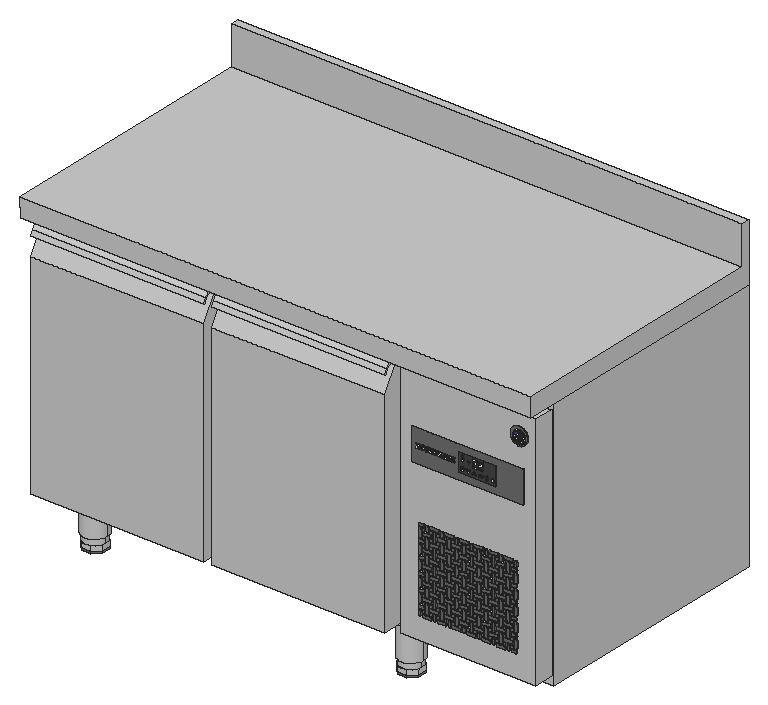
Revit family "QF_HOSHIZAKI_889000846", category Specialty Equipment, Revit 2016 (continued)
Definition of nested family "QF_HOSHIZAKI_889000846_230V_1Ph_50Hz"
  Definition of nested family "Control-panel"
    Forms (mm)
      Extrusion 1, solid
        sketch origin (-3653, 19.5, -135) x (-1, 0, 0) y (0, 0, 1)
          loop
            line (-3954.5, 317.986) -> (-3954.5, 299.986)
            arc (-3954.5, 299.986) -> (-3951, 296.486) -> (-3947.5, 299.986) r 3.5
            line (-3947.5, 299.986) -> (-3947.5, 317.986)
          loop
            arc (-3941, 312.486) -> (-3944.5, 308.986) -> (-3941, 305.486) r 3.5
            line (-3941, 305.486) -> (-3923, 305.486)
            arc (-3923, 305.486) -> (-3919.5, 308.986) -> (-3923, 312.486) r 3.5
            line (-3923, 312.486) -> (-3941, 312.486)
          loop
            arc (-3903, 312.486) -> (-3906.5, 308.986) -> (-3903, 305.486) r 3.5
            line (-3903, 305.486) -> (-3885, 305.486)
            arc (-3885, 305.486) -> (-3881.5, 308.986) -> (-3885, 312.486) r 3.5
            line (-3885, 312.486) -> (-3903, 312.486)
          loop
            arc (-3865, 312.486) -> (-3868.5, 308.986) -> (-3865, 305.486) r 3.5
            line (-3865, 305.486) -> (-3847, 305.486)
            arc (-3847, 305.486) -> (-3843.5, 308.986) -> (-3847, 312.486) r 3.5
            line (-3847, 312.486) -> (-3865, 312.486)
          loop
            arc (-3827, 312.486) -> (-3830.5, 308.986) -> (-3827, 305.486) r 3.5
            line (-3827, 305.486) -> (-3809, 305.486)
            arc (-3809, 305.486) -> (-3805.5, 308.986) -> (-3809, 312.486) r 3.5
            line (-3809, 312.486) -> (-3827, 312.486)
          loop
            arc (-3789, 312.486) -> (-3792.5, 308.986) -> (-3789, 305.486) r 3.5
            line (-3789, 305.486) -> (-3771, 305.486)
            arc (-3771, 305.486) -> (-3767.5, 308.986) -> (-3771, 312.486) r 3.5
            line (-3771, 312.486) -> (-3789, 312.486)
          loop
            arc (-3751, 312.486) -> (-3754.5, 308.986) -> (-3751, 305.486) r 3.5
            line (-3751, 305.486) -> (-3733, 305.486)
            arc (-3733, 305.486) -> (-3729.5, 308.986) -> (-3733, 312.486) r 3.5
            line (-3733, 312.486) -> (-3751, 312.486)
          loop
            arc (-3713, 312.486) -> (-3716.5, 308.986) -> (-3713, 305.486) r 3.5
            line (-3713, 305.486) -> (-3704, 305.486)
            arc (-3704, 305.486) -> (-3700.5, 308.986) -> (-3704, 312.486) r 3.5
            line (-3704, 312.486) -> (-3713, 312.486)
          loop
            line (-3938.025, 302.996) -> (-3945.025, 302.996) -> (-3945.025, 295.996) -> (-3938.025, 295.996) -> (-3938.025, 302.996)
          loop
            line (-3919.025, 302.996) -> (-3926.025, 302.996) -> (-3926.025, 295.996) -> (-3919.025, 295.996) -> (-3919.025, 302.996)
          loop
            line (-3900.025, 302.996) -> (-3907.025, 302.996) -> (-3907.025, 295.996) -> (-3900.025, 295.996) -> (-3900.025, 302.996)
          loop
            line (-3881.025, 302.996) -> (-3888.025, 302.996) -> (-3888.025, 295.996) -> (-3881.025, 295.996) -> (-3881.025, 302.996)
          loop
            line (-3862.025, 302.996) -> (-3869.025, 302.996) -> (-3869.025, 295.996) -> (-3862.025, 295.996) -> (-3862.025, 302.996)
          loop
            line (-3843.025, 302.996) -> (-3850.025, 302.996) -> (-3850.025, 295.996) -> (-3843.025, 295.996) -> (-3843.025, 302.996)
          loop
            line (-3824.025, 302.996) -> (-3831.025, 302.996) -> (-3831.025, 295.996) -> (-3824.025, 295.996) -> (-3824.025, 302.996)
          loop
            line (-3805.025, 302.996) -> (-3812.025, 302.996) -> (-3812.025, 295.996) -> (-3805.025, 295.996) -> (-3805.025, 302.996)
          loop
            line (-3786.025, 302.996) -> (-3793.025, 302.996) -> (-3793.025, 295.996) -> (-3786.025, 295.996) -> (-3786.025, 302.996)
          loop
            line (-3767.025, 302.996) -> (-3774.025, 302.996) -> (-3774.025, 295.996) -> (-3767.025, 295.996) -> (-3767.025, 302.996)
          loop
            line (-3748.025, 302.996) -> (-3755.025, 302.996) -> (-3755.025, 295.996) -> (-3748.025, 295.996) -> (-3748.025, 302.996)
          loop
            line (-3729.025, 302.996) -> (-3736.025, 302.996) -> (-3736.025, 295.996) -> (-3729.025, 295.996) -> (-3729.025, 302.996)
          loop
            line (-3710.025, 302.996) -> (-3717.025, 302.996) -> (-3717.025, 295.996) -> (-3710.025, 295.996) -> (-3710.025, 302.996)
          loop
            line (-3935.5, 298.986) -> (-3935.5, 280.986)
            arc (-3935.5, 280.986) -> (-3932, 277.486) -> (-3928.5, 280.986) r 3.5
            line (-3928.5, 280.986) -> (-3928.5, 298.986)
            arc (-3928.5, 298.986) -> (-3932, 302.486) -> (-3935.5, 298.986) r 3.5
          loop
            line (-3897.5, 298.986) -> (-3897.5, 280.986)
            arc (-3897.5, 280.986) -> (-3894, 277.486) -> (-3890.5, 280.986) r 3.5
            line (-3890.5, 280.986) -> (-3890.5, 298.986)
            arc (-3890.5, 298.986) -> (-3894, 302.486) -> (-3897.5, 298.986) r 3.5
          loop
            line (-3859.5, 298.986) -> (-3859.5, 280.986)
            arc (-3859.5, 280.986) -> (-3856, 277.486) -> (-3852.5, 280.986) r 3.5
            line (-3852.5, 280.986) -> (-3852.5, 298.986)
            arc (-3852.5, 298.986) -> (-3856, 302.486) -> (-3859.5, 298.986) r 3.5
          loop
            line (-3821.5, 298.986) -> (-3821.5, 280.986)
            arc (-3821.5, 280.986) -> (-3818, 277.486) -> (-3814.5, 280.986) r 3.5
            line (-3814.5, 280.986) -> (-3814.5, 298.986)
            arc (-3814.5, 298.986) -> (-3818, 302.486) -> (-3821.5, 298.986) r 3.5
          loop
            line (-3783.5, 298.986) -> (-3783.5, 280.986)
            arc (-3783.5, 280.986) -> (-3780, 277.486) -> (-3776.5, 280.986) r 3.5
            line (-3776.5, 280.986) -> (-3776.5, 298.986)
            arc (-3776.5, 298.986) -> (-3780, 302.486) -> (-3783.5, 298.986) r 3.5
          loop
            line (-3745.5, 298.986) -> (-3745.5, 280.986)
            arc (-3745.5, 280.986) -> (-3742, 277.486) -> (-3738.5, 280.986) r 3.5
            line (-3738.5, 280.986) -> (-3738.5, 298.986)
            arc (-3738.5, 298.986) -> (-3742, 302.486) -> (-3745.5, 298.986) r 3.5
          loop
            line (-3707.5, 298.986) -> (-3707.5, 280.986)
            arc (-3707.5, 280.986) -> (-3704, 277.486) -> (-3700.5, 280.986) r 3.5
            line (-3700.5, 280.986) -> (-3700.5, 298.986)
            arc (-3700.5, 298.986) -> (-3704, 302.486) -> (-3707.5, 298.986) r 3.5
          loop
            arc (-3922, 293.486) -> (-3925.5, 289.986) -> (-3922, 286.486) r 3.5
            line (-3922, 286.486) -> (-3904, 286.486)
            arc (-3904, 286.486) -> (-3900.5, 289.986) -> (-3904, 293.486) r 3.5
            line (-3904, 293.486) -> (-3922, 293.486)
          loop
            arc (-3884, 293.486) -> (-3887.5, 289.986) -> (-3884, 286.486) r 3.5
            line (-3884, 286.486) -> (-3866, 286.486)
            arc (-3866, 286.486) -> (-3862.5, 289.986) -> (-3866, 293.486) r 3.5
            line (-3866, 293.486) -> (-3884, 293.486)
          loop
            arc (-3846, 293.486) -> (-3849.5, 289.986) -> (-3846, 286.486) r 3.5
            line (-3846, 286.486) -> (-3828, 286.486)
            arc (-3828, 286.486) -> (-3824.5, 289.986) -> (-3828, 293.486) r 3.5
            line (-3828, 293.486) -> (-3846, 293.486)
          loop
            arc (-3808, 293.486) -> (-3811.5, 289.986) -> (-3808, 286.486) r 3.5
            line (-3808, 286.486) -> (-3790, 286.486)
            arc (-3790, 286.486) -> (-3786.5, 289.986) -> (-3790, 293.486) r 3.5
            line (-3790, 293.486) -> (-3808, 293.486)
          loop
            arc (-3770, 293.486) -> (-3773.5, 289.986) -> (-3770, 286.486) r 3.5
            line (-3770, 286.486) -> (-3752, 286.486)
            arc (-3752, 286.486) -> (-3748.5, 289.986) -> (-3752, 293.486) r 3.5
            line (-3752, 293.486) -> (-3770, 293.486)
          loop
            arc (-3732, 293.486) -> (-3735.5, 289.986) -> (-3732, 286.486) r 3.5
            line (-3732, 286.486) -> (-3714, 286.486)
            arc (-3714, 286.486) -> (-3710.5, 289.986) -> (-3714, 293.486) r 3.5
            line (-3714, 293.486) -> (-3732, 293.486)
          loop
            line (-3938.025, 276.976) -> (-3938.025, 283.976) -> (-3945.025, 283.976) -> (-3945.025, 276.976) -> (-3938.025, 276.976)
          loop
            line (-3919.025, 276.976) -> (-3919.025, 283.976) -> (-3926.025, 283.976) -> (-3926.025, 276.976) -> (-3919.025, 276.976)
          loop
            line (-3900.025, 276.976) -> (-3900.025, 283.976) -> (-3907.025, 283.976) -> (-3907.025, 276.976) -> (-3900.025, 276.976)
          loop
            line (-3881.025, 276.976) -> (-3881.025, 283.976) -> (-3888.025, 283.976) -> (-3888.025, 276.976) -> (-3881.025, 276.976)
          loop
            line (-3862.025, 276.976) -> (-3862.025, 283.976) -> (-3869.025, 283.976) -> (-3869.025, 276.976) -> (-3862.025, 276.976)
          loop
            line (-3843.025, 276.976) -> (-3843.025, 283.976) -> (-3850.025, 283.976) -> (-3850.025, 276.976) -> (-3843.025, 276.976)
          loop
            line (-3824.025, 276.976) -> (-3824.025, 283.976) -> (-3831.025, 283.976) -> (-3831.025, 276.976) -> (-3824.025, 276.976)
          loop
            line (-3805.025, 276.976) -> (-3805.025, 283.976) -> (-3812.025, 283.976) -> (-3812.025, 276.976) -> (-3805.025, 276.976)
          loop
            line (-3786.025, 276.976) -> (-3786.025, 283.976) -> (-3793.025, 283.976) -> (-3793.025, 276.976) -> (-3786.025, 276.976)
          loop
            line (-3767.025, 276.976) -> (-3767.025, 283.976) -> (-3774.025, 283.976) -> (-3774.025, 276.976) -> (-3767.025, 276.976)
          loop
            line (-3748.025, 276.976) -> (-3748.025, 283.976) -> (-3755.025, 283.976) -> (-3755.025, 276.976) -> (-3748.025, 276.976)
          loop
            line (-3729.025, 276.976) -> (-3729.025, 283.976) -> (-3736.025, 283.976) -> (-3736.025, 276.976) -> (-3729.025, 276.976)
          loop
            line (-3710.025, 276.976) -> (-3710.025, 283.976) -> (-3717.025, 283.976) -> (-3717.025, 276.976) -> (-3710.025, 276.976)
          loop
            arc (-3719.5, 279.986) -> (-3723, 283.486) -> (-3726.5, 279.986) r 3.5
            line (-3726.5, 279.986) -> (-3726.5, 261.986)
            arc (-3726.5, 261.986) -> (-3723, 258.486) -> (-3719.5, 261.986) r 3.5
            line (-3719.5, 261.986) -> (-3719.5, 279.986)
          loop
            arc (-3757.5, 279.986) -> (-3761, 283.486) -> (-3764.5, 279.986) r 3.5
            line (-3764.5, 279.986) -> (-3764.5, 261.986)
            arc (-3764.5, 261.986) -> (-3761, 258.486) -> (-3757.5, 261.986) r 3.5
            line (-3757.5, 261.986) -> (-3757.5, 279.986)
          loop
            arc (-3795.5, 279.986) -> (-3799, 283.486) -> (-3802.5, 279.986) r 3.5
            line (-3802.5, 279.986) -> (-3802.5, 261.986)
            arc (-3802.5, 261.986) -> (-3799, 258.486) -> (-3795.5, 261.986) r 3.5
            line (-3795.5, 261.986) -> (-3795.5, 279.986)
          loop
            arc (-3833.5, 279.986) -> (-3837, 283.486) -> (-3840.5, 279.986) r 3.5
            line (-3840.5, 279.986) -> (-3840.5, 261.986)
            arc (-3840.5, 261.986) -> (-3837, 258.486) -> (-3833.5, 261.986) r 3.5
            line (-3833.5, 261.986) -> (-3833.5, 279.986)
          loop
            arc (-3871.5, 279.986) -> (-3875, 283.486) -> (-3878.5, 279.986) r 3.5
            line (-3878.5, 279.986) -> (-3878.5, 261.986)
            arc (-3878.5, 261.986) -> (-3875, 258.486) -> (-3871.5, 261.986) r 3.5
            line (-3871.5, 261.986) -> (-3871.5, 279.986)
          loop
            arc (-3909.5, 279.986) -> (-3913, 283.486) -> (-3916.5, 279.986) r 3.5
            line (-3916.5, 279.986) -> (-3916.5, 261.986)
            arc (-3916.5, 261.986) -> (-3913, 258.486) -> (-3909.5, 261.986) r 3.5
            line (-3909.5, 261.986) -> (-3909.5, 279.986)
          loop
            arc (-3951, 292.986) -> (-3954, 289.986) -> (-3951, 286.986) r 3
            line (-3951, 286.986) -> (-3942, 286.986)
            arc (-3942, 286.986) -> (-3939, 289.986) -> (-3942, 292.986) r 3
            line (-3942, 292.986) -> (-3951, 292.986)
          loop
            arc (-3947.5, 279.986) -> (-3951, 283.486) -> (-3954.5, 279.986) r 3.5
            line (-3954.5, 279.986) -> (-3954.5, 261.986)
            arc (-3954.5, 261.986) -> (-3951, 258.486) -> (-3947.5, 261.986) r 3.5
            line (-3947.5, 261.986) -> (-3947.5, 279.986)
          loop
            arc (-3941, 274.486) -> (-3944.5, 270.986) -> (-3941, 267.486) r 3.5
            line (-3941, 267.486) -> (-3923, 267.486)
            arc (-3923, 267.486) -> (-3919.5, 270.986) -> (-3923, 274.486) r 3.5
            line (-3923, 274.486) -> (-3941, 274.486)
          loop
            arc (-3903, 274.486) -> (-3906.5, 270.986) -> (-3903, 267.486) r 3.5
            line (-3903, 267.486) -> (-3885, 267.486)
            arc (-3885, 267.486) -> (-3881.5, 270.986) -> (-3885, 274.486) r 3.5
            line (-3885, 274.486) -> (-3903, 274.486)
          loop
            arc (-3865, 274.486) -> (-3868.5, 270.986) -> (-3865, 267.486) r 3.5
            line (-3865, 267.486) -> (-3847, 267.486)
            arc (-3847, 267.486) -> (-3843.5, 270.986) -> (-3847, 274.486) r 3.5
            line (-3847, 274.486) -> (-3865, 274.486)
          loop
            arc (-3827, 274.486) -> (-3830.5, 270.986) -> (-3827, 267.486) r 3.5
            line (-3827, 267.486) -> (-3809, 267.486)
            arc (-3809, 267.486) -> (-3805.5, 270.986) -> (-3809, 274.486) r 3.5
            line (-3809, 274.486) -> (-3827, 274.486)
          loop
            arc (-3789, 274.486) -> (-3792.5, 270.986) -> (-3789, 267.486) r 3.5
            line (-3789, 267.486) -> (-3771, 267.486)
            arc (-3771, 267.486) -> (-3767.5, 270.986) -> (-3771, 274.486) r 3.5
            line (-3771, 274.486) -> (-3789, 274.486)
          loop
            arc (-3751, 274.486) -> (-3754.5, 270.986) -> (-3751, 267.486) r 3.5
            line (-3751, 267.486) -> (-3733, 267.486)
            arc (-3733, 267.486) -> (-3729.5, 270.986) -> (-3733, 274.486) r 3.5
            line (-3733, 274.486) -> (-3751, 274.486)
          loop
            arc (-3713, 274.486) -> (-3716.5, 270.986) -> (-3713, 267.486) r 3.5
            line (-3713, 267.486) -> (-3704, 267.486)
            arc (-3704, 267.486) -> (-3700.5, 270.986) -> (-3704, 274.486) r 3.5
            line (-3704, 274.486) -> (-3713, 274.486)
          loop
            line (-3938.025, 264.996) -> (-3945.025, 264.996) -> (-3945.025, 257.996) -> (-3938.025, 257.996) -> (-3938.025, 264.996)
          loop
            line (-3919.025, 264.996) -> (-3926.025, 264.996) -> (-3926.025, 257.996) -> (-3919.025, 257.996) -> (-3919.025, 264.996)
          loop
            line (-3900.025, 264.996) -> (-3907.025, 264.996) -> (-3907.025, 257.996) -> (-3900.025, 257.996) -> (-3900.025, 264.996)
          loop
            line (-3881.025, 264.996) -> (-3888.025, 264.996) -> (-3888.025, 257.996) -> (-3881.025, 257.996) -> (-3881.025, 264.996)
          loop
            line (-3862.025, 264.996) -> (-3869.025, 264.996) -> (-3869.025, 257.996) -> (-3862.025, 257.996) -> (-3862.025, 264.996)
          loop
            line (-3843.025, 264.996) -> (-3850.025, 264.996) -> (-3850.025, 257.996) -> (-3843.025, 257.996) -> (-3843.025, 264.996)
          loop
            line (-3824.025, 264.996) -> (-3831.025, 264.996) -> (-3831.025, 257.996) -> (-3824.025, 257.996) -> (-3824.025, 264.996)
          loop
            line (-3805.025, 264.996) -> (-3812.025, 264.996) -> (-3812.025, 257.996) -> (-3805.025, 257.996) -> (-3805.025, 264.996)
          loop
            line (-3786.025, 264.996) -> (-3793.025, 264.996) -> (-3793.025, 257.996) -> (-3786.025, 257.996) -> (-3786.025, 264.996)
          loop
            line (-3767.025, 264.996) -> (-3774.025, 264.996) -> (-3774.025, 257.996) -> (-3767.025, 257.996) -> (-3767.025, 264.996)
          loop
            line (-3748.025, 264.996) -> (-3755.025, 264.996) -> (-3755.025, 257.996) -> (-3748.025, 257.996) -> (-3748.025, 264.996)
          loop
            line (-3729.025, 264.996) -> (-3736.025, 264.996) -> (-3736.025, 257.996) -> (-3729.025, 257.996) -> (-3729.025, 264.996)
          loop
            line (-3710.025, 264.996) -> (-3717.025, 264.996) -> (-3717.025, 257.996) -> (-3710.025, 257.996) -> (-3710.025, 264.996)
          loop
            line (-3935.5, 260.986) -> (-3935.5, 242.986)
            arc (-3935.5, 242.986) -> (-3932, 239.486) -> (-3928.5, 242.986) r 3.5
            line (-3928.5, 242.986) -> (-3928.5, 260.986)
            arc (-3928.5, 260.986) -> (-3932, 264.486) -> (-3935.5, 260.986) r 3.5
          loop
            line (-3897.5, 260.986) -> (-3897.5, 242.986)
            arc (-3897.5, 242.986) -> (-3894, 239.486) -> (-3890.5, 242.986) r 3.5
            line (-3890.5, 242.986) -> (-3890.5, 260.986)
            arc (-3890.5, 260.986) -> (-3894, 264.486) -> (-3897.5, 260.986) r 3.5
          loop
            line (-3859.5, 260.986) -> (-3859.5, 242.986)
            arc (-3859.5, 242.986) -> (-3856, 239.486) -> (-3852.5, 242.986) r 3.5
            line (-3852.5, 242.986) -> (-3852.5, 260.986)
            arc (-3852.5, 260.986) -> (-3856, 264.486) -> (-3859.5, 260.986) r 3.5
          loop
            line (-3821.5, 260.986) -> (-3821.5, 242.986)
            arc (-3821.5, 242.986) -> (-3818, 239.486) -> (-3814.5, 242.986) r 3.5
            line (-3814.5, 242.986) -> (-3814.5, 260.986)
            arc (-3814.5, 260.986) -> (-3818, 264.486) -> (-3821.5, 260.986) r 3.5
          loop
            line (-3783.5, 260.986) -> (-3783.5, 242.986)
            arc (-3783.5, 242.986) -> (-3780, 239.486) -> (-3776.5, 242.986) r 3.5
            line (-3776.5, 242.986) -> (-3776.5, 260.986)
            arc (-3776.5, 260.986) -> (-3780, 264.486) -> (-3783.5, 260.986) r 3.5
          loop
            line (-3745.5, 260.986) -> (-3745.5, 242.986)
            arc (-3745.5, 242.986) -> (-3742, 239.486) -> (-3738.5, 242.986) r 3.5
            line (-3738.5, 242.986) -> (-3738.5, 260.986)
            arc (-3738.5, 260.986) -> (-3742, 264.486) -> (-3745.5, 260.986) r 3.5
          loop
            line (-3707.5, 260.986) -> (-3707.5, 242.986)
            arc (-3707.5, 242.986) -> (-3704, 239.486) -> (-3700.5, 242.986) r 3.5
            line (-3700.5, 242.986) -> (-3700.5, 260.986)
            arc (-3700.5, 260.986) -> (-3704, 264.486) -> (-3707.5, 260.986) r 3.5
          loop
            arc (-3922, 255.486) -> (-3925.5, 251.986) -> (-3922, 248.486) r 3.5
            line (-3922, 248.486) -> (-3904, 248.486)
            arc (-3904, 248.486) -> (-3900.5, 251.986) -> (-3904, 255.486) r 3.5
            line (-3904, 255.486) -> (-3922, 255.486)
          loop
            arc (-3884, 255.486) -> (-3887.5, 251.986) -> (-3884, 248.486) r 3.5
            line (-3884, 248.486) -> (-3866, 248.486)
            arc (-3866, 248.486) -> (-3862.5, 251.986) -> (-3866, 255.486) r 3.5
            line (-3866, 255.486) -> (-3884, 255.486)
          loop
            arc (-3846, 255.486) -> (-3849.5, 251.986) -> (-3846, 248.486) r 3.5
            line (-3846, 248.486) -> (-3828, 248.486)
            arc (-3828, 248.486) -> (-3824.5, 251.986) -> (-3828, 255.486) r 3.5
            line (-3828, 255.486) -> (-3846, 255.486)
          loop
            arc (-3808, 255.486) -> (-3811.5, 251.986) -> (-3808, 248.486) r 3.5
            line (-3808, 248.486) -> (-3790, 248.486)
            arc (-3790, 248.486) -> (-3786.5, 251.986) -> (-3790, 255.486) r 3.5
            line (-3790, 255.486) -> (-3808, 255.486)
          loop
            arc (-3770, 255.486) -> (-3773.5, 251.986) -> (-3770, 248.486) r 3.5
            line (-3770, 248.486) -> (-3752, 248.486)
            arc (-3752, 248.486) -> (-3748.5, 251.986) -> (-3752, 255.486) r 3.5
            line (-3752, 255.486) -> (-3770, 255.486)
          loop
            arc (-3732, 255.486) -> (-3735.5, 251.986) -> (-3732, 248.486) r 3.5
            line (-3732, 248.486) -> (-3714, 248.486)
            arc (-3714, 248.486) -> (-3710.5, 251.986) -> (-3714, 255.486) r 3.5
            line (-3714, 255.486) -> (-3732, 255.486)
          loop
            line (-3938.025, 238.976) -> (-3938.025, 245.976) -> (-3945.025, 245.976) -> (-3945.025, 238.976) -> (-3938.025, 238.976)
          loop
            line (-3919.025, 238.976) -> (-3919.025, 245.976) -> (-3926.025, 245.976) -> (-3926.025, 238.976) -> (-3919.025, 238.976)
          loop
            line (-3900.025, 238.976) -> (-3900.025, 245.976) -> (-3907.025, 245.976) -> (-3907.025, 238.976) -> (-3900.025, 238.976)
          loop
            line (-3881.025, 238.976) -> (-3881.025, 245.976) -> (-3888.025, 245.976) -> (-3888.025, 238.976) -> (-3881.025, 238.976)
          loop
            line (-3862.025, 238.976) -> (-3862.025, 245.976) -> (-3869.025, 245.976) -> (-3869.025, 238.976) -> (-3862.025, 238.976)
          loop
            line (-3843.025, 238.976) -> (-3843.025, 245.976) -> (-3850.025, 245.976) -> (-3850.025, 238.976) -> (-3843.025, 238.976)
          loop
            line (-3824.025, 238.976) -> (-3824.025, 245.976) -> (-3831.025, 245.976) -> (-3831.025, 238.976) -> (-3824.025, 238.976)
          loop
            line (-3805.025, 238.976) -> (-3805.025, 245.976) -> (-3812.025, 245.976) -> (-3812.025, 238.976) -> (-3805.025, 238.976)
          loop
            line (-3786.025, 238.976) -> (-3786.025, 245.976) -> (-3793.025, 245.976) -> (-3793.025, 238.976) -> (-3786.025, 238.976)
          loop
            line (-3767.025, 238.976) -> (-3767.025, 245.976) -> (-3774.025, 245.976) -> (-3774.025, 238.976) -> (-3767.025, 238.976)
          loop
            line (-3748.025, 238.976) -> (-3748.025, 245.976) -> (-3755.025, 245.976) -> (-3755.025, 238.976) -> (-3748.025, 238.976)
          loop
            line (-3729.025, 238.976) -> (-3729.025, 245.976) -> (-3736.025, 245.976) -> (-3736.025, 238.976) -> (-3729.025, 238.976)
          loop
            line (-3710.025, 238.976) -> (-3710.025, 245.976) -> (-3717.025, 245.976) -> (-3717.025, 238.976) -> (-3710.025, 238.976)
          loop
            arc (-3719.5, 241.986) -> (-3723, 245.486) -> (-3726.5, 241.986) r 3.5
            line (-3726.5, 241.986) -> (-3726.5, 223.986)
            arc (-3726.5, 223.986) -> (-3723, 220.486) -> (-3719.5, 223.986) r 3.5
            line (-3719.5, 223.986) -> (-3719.5, 241.986)
          loop
            arc (-3757.5, 241.986) -> (-3761, 245.486) -> (-3764.5, 241.986) r 3.5
            line (-3764.5, 241.986) -> (-3764.5, 223.986)
            arc (-3764.5, 223.986) -> (-3761, 220.486) -> (-3757.5, 223.986) r 3.5
            line (-3757.5, 223.986) -> (-3757.5, 241.986)
          loop
            arc (-3795.5, 241.986) -> (-3799, 245.486) -> (-3802.5, 241.986) r 3.5
            line (-3802.5, 241.986) -> (-3802.5, 223.986)
            arc (-3802.5, 223.986) -> (-3799, 220.486) -> (-3795.5, 223.986) r 3.5
            line (-3795.5, 223.986) -> (-3795.5, 241.986)
          loop
            arc (-3833.5, 241.986) -> (-3837, 245.486) -> (-3840.5, 241.986) r 3.5
            line (-3840.5, 241.986) -> (-3840.5, 223.986)
            arc (-3840.5, 223.986) -> (-3837, 220.486) -> (-3833.5, 223.986) r 3.5
            line (-3833.5, 223.986) -> (-3833.5, 241.986)
          loop
            arc (-3871.5, 241.986) -> (-3875, 245.486) -> (-3878.5, 241.986) r 3.5
            line (-3878.5, 241.986) -> (-3878.5, 223.986)
            arc (-3878.5, 223.986) -> (-3875, 220.486) -> (-3871.5, 223.986) r 3.5
            line (-3871.5, 223.986) -> (-3871.5, 241.986)
          loop
            arc (-3909.5, 241.986) -> (-3913, 245.486) -> (-3916.5, 241.986) r 3.5
            line (-3916.5, 241.986) -> (-3916.5, 223.986)
            arc (-3916.5, 223.986) -> (-3913, 220.486) -> (-3909.5, 223.986) r 3.5
            line (-3909.5, 223.986) -> (-3909.5, 241.986)
          loop
            arc (-3951, 254.986) -> (-3954, 251.986) -> (-3951, 248.986) r 3
            line (-3951, 248.986) -> (-3942, 248.986)
            arc (-3942, 248.986) -> (-3939, 251.986) -> (-3942, 254.986) r 3
            line (-3942, 254.986) -> (-3951, 254.986)
          loop
            arc (-3947.5, 241.986) -> (-3951, 245.486) -> (-3954.5, 241.986) r 3.5
            line (-3954.5, 241.986) -> (-3954.5, 223.986)
            arc (-3954.5, 223.986) -> (-3951, 220.486) -> (-3947.5, 223.986) r 3.5
            line (-3947.5, 223.986) -> (-3947.5, 241.986)
          loop
            arc (-3941, 236.486) -> (-3944.5, 232.986) -> (-3941, 229.486) r 3.5
            line (-3941, 229.486) -> (-3923, 229.486)
            arc (-3923, 229.486) -> (-3919.5, 232.986) -> (-3923, 236.486) r 3.5
            line (-3923, 236.486) -> (-3941, 236.486)
          loop
            arc (-3903, 236.486) -> (-3906.5, 232.986) -> (-3903, 229.486) r 3.5
            line (-3903, 229.486) -> (-3885, 229.486)
            arc (-3885, 229.486) -> (-3881.5, 232.986) -> (-3885, 236.486) r 3.5
            line (-3885, 236.486) -> (-3903, 236.486)
          loop
            arc (-3865, 236.486) -> (-3868.5, 232.986) -> (-3865, 229.486) r 3.5
            line (-3865, 229.486) -> (-3847, 229.486)
            arc (-3847, 229.486) -> (-3843.5, 232.986) -> (-3847, 236.486) r 3.5
            line (-3847, 236.486) -> (-3865, 236.486)
          loop
            arc (-3827, 236.486) -> (-3830.5, 232.986) -> (-3827, 229.486) r 3.5
            line (-3827, 229.486) -> (-3809, 229.486)
            arc (-3809, 229.486) -> (-3805.5, 232.986) -> (-3809, 236.486) r 3.5
            line (-3809, 236.486) -> (-3827, 236.486)
          loop
            arc (-3789, 236.486) -> (-3792.5, 232.986) -> (-3789, 229.486) r 3.5
            line (-3789, 229.486) -> (-3771, 229.486)
            arc (-3771, 229.486) -> (-3767.5, 232.986) -> (-3771, 236.486) r 3.5
            line (-3771, 236.486) -> (-3789, 236.486)
          loop
            arc (-3751, 236.486) -> (-3754.5, 232.986) -> (-3751, 229.486) r 3.5
            line (-3751, 229.486) -> (-3733, 229.486)
            arc (-3733, 229.486) -> (-3729.5, 232.986) -> (-3733, 236.486) r 3.5
            line (-3733, 236.486) -> (-3751, 236.486)
          loop
            arc (-3713, 236.486) -> (-3716.5, 232.986) -> (-3713, 229.486) r 3.5
            line (-3713, 229.486) -> (-3704, 229.486)
            arc (-3704, 229.486) -> (-3700.5, 232.986) -> (-3704, 236.486) r 3.5
            line (-3704, 236.486) -> (-3713, 236.486)
          loop
            line (-3938.025, 226.996) -> (-3945.025, 226.996) -> (-3945.025, 219.996) -> (-3938.025, 219.996) -> (-3938.025, 226.996)
          loop
            line (-3919.025, 226.996) -> (-3926.025, 226.996) -> (-3926.025, 219.996) -> (-3919.025, 219.996) -> (-3919.025, 226.996)
          loop
            line (-3900.025, 226.996) -> (-3907.025, 226.996) -> (-3907.025, 219.996) -> (-3900.025, 219.996) -> (-3900.025, 226.996)
          loop
            line (-3881.025, 226.996) -> (-3888.025, 226.996) -> (-3888.025, 219.996) -> (-3881.025, 219.996) -> (-3881.025, 226.996)
          loop
            line (-3862.025, 226.996) -> (-3869.025, 226.996) -> (-3869.025, 219.996) -> (-3862.025, 219.996) -> (-3862.025, 226.996)
          loop
            line (-3843.025, 226.996) -> (-3850.025, 226.996) -> (-3850.025, 219.996) -> (-3843.025, 219.996) -> (-3843.025, 226.996)
          loop
            line (-3824.025, 226.996) -> (-3831.025, 226.996) -> (-3831.025, 219.996) -> (-3824.025, 219.996) -> (-3824.025, 226.996)
          loop
            line (-3805.025, 226.996) -> (-3812.025, 226.996) -> (-3812.025, 219.996) -> (-3805.025, 219.996) -> (-3805.025, 226.996)
          loop
            line (-3786.025, 226.996) -> (-3793.025, 226.996) -> (-3793.025, 219.996) -> (-3786.025, 219.996) -> (-3786.025, 226.996)
          loop
            line (-3767.025, 226.996) -> (-3774.025, 226.996) -> (-3774.025, 219.996) -> (-3767.025, 219.996) -> (-3767.025, 226.996)
          loop
            line (-3748.025, 226.996) -> (-3755.025, 226.996) -> (-3755.025, 219.996) -> (-3748.025, 219.996) -> (-3748.025, 226.996)
          loop
            line (-3729.025, 226.996) -> (-3736.025, 226.996) -> (-3736.025, 219.996) -> (-3729.025, 219.996) -> (-3729.025, 226.996)
          loop
            line (-3710.025, 226.996) -> (-3717.025, 226.996) -> (-3717.025, 219.996) -> (-3710.025, 219.996) -> (-3710.025, 226.996)
          loop
            arc (-3922, 217.486) -> (-3925.5, 213.986) -> (-3922, 210.486) r 3.5
            line (-3922, 210.486) -> (-3904, 210.486)
            arc (-3904, 210.486) -> (-3900.5, 213.986) -> (-3904, 217.486) r 3.5
            line (-3904, 217.486) -> (-3922, 217.486)
          loop
            arc (-3884, 217.486) -> (-3887.5, 213.986) -> (-3884, 210.486) r 3.5
            line (-3884, 210.486) -> (-3866, 210.486)
            arc (-3866, 210.486) -> (-3862.5, 213.986) -> (-3866, 217.486) r 3.5
            line (-3866, 217.486) -> (-3884, 217.486)
          loop
            arc (-3846, 217.486) -> (-3849.5, 213.986) -> (-3846, 210.486) r 3.5
            line (-3846, 210.486) -> (-3828, 210.486)
            arc (-3828, 210.486) -> (-3824.5, 213.986) -> (-3828, 217.486) r 3.5
            line (-3828, 217.486) -> (-3846, 217.486)
          loop
            arc (-3808, 217.486) -> (-3811.5, 213.986) -> (-3808, 210.486) r 3.5
            line (-3808, 210.486) -> (-3790, 210.486)
            arc (-3790, 210.486) -> (-3786.5, 213.986) -> (-3790, 217.486) r 3.5
            line (-3790, 217.486) -> (-3808, 217.486)
          loop
            arc (-3770, 217.486) -> (-3773.5, 213.986) -> (-3770, 210.486) r 3.5
            line (-3770, 210.486) -> (-3752, 210.486)
            arc (-3752, 210.486) -> (-3748.5, 213.986) -> (-3752, 217.486) r 3.5
            line (-3752, 217.486) -> (-3770, 217.486)
          loop
            arc (-3732, 217.486) -> (-3735.5, 213.986) -> (-3732, 210.486) r 3.5
            line (-3732, 210.486) -> (-3714, 210.486)
            arc (-3714, 210.486) -> (-3710.5, 213.986) -> (-3714, 217.486) r 3.5
            line (-3714, 217.486) -> (-3732, 217.486)
          loop
            arc (-3951, 216.986) -> (-3954, 213.986) -> (-3951, 210.986) r 3
            line (-3951, 210.986) -> (-3942, 210.986)
            arc (-3942, 210.986) -> (-3939, 213.986) -> (-3942, 216.986) r 3
            line (-3942, 216.986) -> (-3951, 216.986)
          loop
            arc (-3701, 223.486) -> (-3704, 226.486) -> (-3707, 223.486) r 3
            line (-3707, 223.486) -> (-3707, 214.486)
            arc (-3707, 214.486) -> (-3704, 211.486) -> (-3701, 214.486) r 3
            line (-3701, 214.486) -> (-3701, 223.486)
          loop
            arc (-3739, 223.486) -> (-3742, 226.486) -> (-3745, 223.486) r 3
            line (-3745, 223.486) -> (-3745, 214.486)
            arc (-3745, 214.486) -> (-3742, 211.486) -> (-3739, 214.486) r 3
            line (-3739, 214.486) -> (-3739, 223.486)
          loop
            arc (-3777, 223.486) -> (-3780, 226.486) -> (-3783, 223.486) r 3
            line (-3783, 223.486) -> (-3783, 214.486)
            arc (-3783, 214.486) -> (-3780, 211.486) -> (-3777, 214.486) r 3
            line (-3777, 214.486) -> (-3777, 223.486)
          loop
            arc (-3815, 223.486) -> (-3818, 226.486) -> (-3821, 223.486) r 3
            line (-3821, 223.486) -> (-3821, 214.486)
            arc (-3821, 214.486) -> (-3818, 211.486) -> (-3815, 214.486) r 3
            line (-3815, 214.486) -> (-3815, 223.486)
          loop
            arc (-3853, 223.486) -> (-3856, 226.486) -> (-3859, 223.486) r 3
            line (-3859, 223.486) -> (-3859, 214.486)
            arc (-3859, 214.486) -> (-3856, 211.486) -> (-3853, 214.486) r 3
            line (-3853, 214.486) -> (-3853, 223.486)
          loop
            arc (-3891, 223.486) -> (-3894, 226.486) -> (-3897, 223.486) r 3
            line (-3897, 223.486) -> (-3897, 214.486)
            arc (-3897, 214.486) -> (-3894, 211.486) -> (-3891, 214.486) r 3
            line (-3891, 214.486) -> (-3891, 223.486)
          loop
            arc (-3929, 223.486) -> (-3932, 226.486) -> (-3935, 223.486) r 3
            line (-3935, 223.486) -> (-3935, 214.486)
            arc (-3935, 214.486) -> (-3932, 211.486) -> (-3929, 214.486) r 3
            line (-3929, 214.486) -> (-3929, 223.486)
        from 5.5 to 7.5
      Extrusion 2, solid
        sketch origin (-1812, 19.5, -302.5) x (-1, 0, 0) y (0, 0, 1)
          loop
            line (-2131, 808) -> (-2131, 731)
            arc (-2131, 731) -> (-2130.121, 728.879) -> (-2128, 728) r 3
            line (-2128, 728) -> (-1845, 728)
            arc (-1845, 728) -> (-1842.879, 728.879) -> (-1842, 731) r 3
            line (-1842, 731) -> (-1842, 808)
            arc (-1842, 808) -> (-1842.879, 810.121) -> (-1845, 811) r 3
            line (-1845, 811) -> (-2128, 811)
            arc (-2128, 811) -> (-2130.121, 810.121) -> (-2131, 808) r 3
        from 5.5 to 7.5
      Extrusion 3, solid
        sketch origin (-1721.829, 19.5, -302.5) x (-1, 0, 0) y (0, 0, 1)
          loop
            line (-1873, 793) -> (-1968.159, 793) -> (-1968.159, 746) -> (-1873, 746) -> (-1873, 793)
        from 5 to 7.5
      Extrusion 4, solid, visible <- "Show Logo"
        sketch origin (-1807, 19.5, -188.5) x (-1, 0, 0) y (0, 0, 1)
          loop
            circle (-2113.5, 769.5) r 13.99
        from 4.5 to 6
      Extrusion 5, solid, visible <- "Show Logo"
        sketch origin (-1807, 19.5, -188.5) x (-1, 0, 0) y (0, 0, 1)
          loop
            circle (-2113.5, 769.5) r 15
          loop
            line (-2126.5, 769.5) -> (-2120.846, 773.459) -> (-2118.907, 773.459) -> (-2118.036, 763.497) -> (-2119.632, 763.497) -> (-2117.808, 760.891) -> (-2122.091, 759.743)
            arc (-2122.091, 759.743) -> (-2112.99, 756.51) -> (-2104.171, 760.446) r 13
            line (-2104.171, 760.446) -> (-2111.913, 760.446) -> (-2113.024, 758.523) -> (-2117.6, 758.523) -> (-2113.951, 764.843) -> (-2112.168, 762.297) -> (-2110.969, 763.497) -> (-2112.161, 767.945) -> (-2112.983, 771.014) -> (-2114.045, 774.979) -> (-2115.629, 777.241) -> (-2111.344, 777.241) -> (-2110.01, 772.26) -> (-2108.361, 772.26) -> (-2107.029, 770.928) -> (-2104.038, 769.201) -> (-2103.03, 765.437) -> (-2100.604, 767.863)
            arc (-2100.604, 767.863) -> (-2112.68, 782.474) -> (-2126.5, 769.5) r 13
          loop
            arc (-2125.531, 764.467) -> (-2124.506, 762.602) -> (-2123.241, 760.891) r 15.828
            line (-2123.241, 760.891) -> (-2121.071, 768.926) -> (-2125.531, 764.467)
          loop
            line (-2109.801, 769.877) -> (-2109.801, 764.664) -> (-2108.483, 768.285) -> (-2106.744, 769.399) -> (-2109.801, 769.877)
          loop
            line (-2108.558, 762.979) -> (-2105.47, 762.035) -> (-2104.504, 761.224) -> (-2103.812, 761.916) -> (-2105.089, 763.908) -> (-2108.558, 762.979)
          loop
            line (-2110.775, 779.307) -> (-2108.457, 780.388) -> (-2110.775, 781.009) -> (-2110.775, 779.307)
          loop
            line (-2113.024, 781.662) -> (-2115.087, 781.11) -> (-2114.199, 779.205) -> (-2112.584, 779.638) -> (-2113.79, 780.335) -> (-2113.024, 781.662)
          loop
            line (-2113.762, 753.783) -> (-2114.844, 752.701) -> (-2116.385, 752.701) -> (-2115.329, 751.645) -> (-2115.642, 749.874) -> (-2113.762, 750.959) -> (-2111.881, 749.874) -> (-2112.194, 751.645) -> (-2111.138, 752.701) -> (-2112.679, 752.701) -> (-2113.762, 753.783)
          loop
            line (-2126.524, 760.7) -> (-2128.032, 760.965) -> (-2128.916, 762.228) -> (-2129.176, 760.757) -> (-2130.805, 759.997) -> (-2128.838, 759.08) -> (-2128.648, 756.917) -> (-2127.377, 758.188) -> (-2125.906, 757.929) -> (-2126.79, 759.191) -> (-2126.524, 760.7)
          loop
            line (-2120.989, 755.68) -> (-2122.45, 755.219) -> (-2123.816, 755.931) -> (-2123.367, 754.507) -> (-2124.462, 753.08) -> (-2122.293, 753.175) -> (-2121.127, 751.344) -> (-2120.586, 753.059) -> (-2119.162, 753.508) -> (-2120.529, 754.219) -> (-2120.989, 755.68)
          loop
            line (-2100.476, 760.7) -> (-2100.21, 759.191) -> (-2101.094, 757.929) -> (-2099.623, 758.188) -> (-2098.352, 756.917) -> (-2098.162, 759.08) -> (-2096.195, 759.997) -> (-2097.824, 760.757) -> (-2098.084, 762.228) -> (-2098.968, 760.965) -> (-2100.476, 760.7)
          loop
            line (-2106.011, 755.68) -> (-2106.471, 754.219) -> (-2107.838, 753.508) -> (-2106.414, 753.059) -> (-2105.873, 751.344) -> (-2104.707, 753.175) -> (-2102.538, 753.08) -> (-2103.633, 754.507) -> (-2103.184, 755.931) -> (-2104.55, 755.219) -> (-2106.011, 755.68)
        from 4 to 6
      Extrusion 6, solid, visible <- "Show Logo"
        sketch origin (-1807, 19.5, -188.5) x (-1, 0, 0) y (0, 0, 1)
          loop
            line (-2110.775, 781.009) -> (-2112.201, 782.435)
            arc (-2112.201, 782.435) -> (-2113.187, 782.496) -> (-2114.172, 782.435) r 8.046
            arc (-2114.172, 782.435) -> (-2116.517, 781.025) -> (-2117.04, 778.339) r 3.366
            line (-2117.04, 778.339) -> (-2118.907, 773.459) -> (-2117.808, 760.891) -> (-2119.436, 758.565) -> (-2117.576, 758.565) -> (-2113.951, 764.843) -> (-2112.168, 762.297) -> (-2110.969, 763.497) -> (-2114.045, 774.979) -> (-2115.629, 777.241) -> (-2111.299, 777.241) -> (-2110.775, 779.307) -> (-2110.775, 781.009)
          loop
            line (-2116.531, 758.523) -> (-2117.14, 757.468) -> (-2111.822, 757.468) -> (-2112.761, 758.407) -> (-2109.605, 758.407) -> (-2110.682, 759.485) -> (-2112.469, 759.485) -> (-2113.024, 758.523) -> (-2116.531, 758.523)
          loop
            line (-2113.024, 781.662) -> (-2115.087, 781.11) -> (-2114.199, 779.205) -> (-2112.584, 779.638) -> (-2113.79, 780.335) -> (-2113.024, 781.662)
        from 4 to 6
      Extrusion 7, solid, visible <- "Show Logo"
        sketch origin (-1807, 19.5, -188.5) x (-1, 0, 0) y (0, 0, 1)
          loop
            circle (-2113.5, 769.5) r 22.5
        from 5 to 7.5
      Extrusion 8, solid
        sketch origin (-1721.829, 19.5, -302.5) x (-1, 0, 0) y (0, 0, 1)
          loop
            line (-1897.356, 754.233) -> (-1901.676, 760.18) -> (-1902.485, 759.592) -> (-1897.356, 752.532) -> (-1892.226, 759.592) -> (-1893.035, 760.18) -> (-1897.356, 754.233)
          loop
            line (-1895.298, 779.667) -> (-1903.298, 779.667) -> (-1899.298, 774.161) -> (-1895.298, 779.667)
          loop
            arc (-1884, 780.828) -> (-1883, 775) -> (-1882, 780.828) r 3
            line (-1882, 780.828) -> (-1882, 789)
            arc (-1882, 789) -> (-1883, 790) -> (-1884, 789) r 1
            line (-1884, 789) -> (-1884, 780.828)
          loop
            line (-1936.977, 758.753) -> (-1936.977, 757.753) -> (-1935.558, 757.753) -> (-1935.558, 753.753) -> (-1934.558, 753.753) -> (-1934.558, 757.753) -> (-1933.139, 757.753) -> (-1933.139, 758.753) -> (-1936.977, 758.753)
          loop
            line (-1932.115, 758.753) -> (-1932.115, 757.753) -> (-1929.56, 757.753) -> (-1929.56, 756.753) -> (-1932.115, 756.753) -> (-1932.115, 755.753) -> (-1929.56, 755.753) -> (-1929.56, 754.846) -> (-1932.115, 754.846) -> (-1932.115, 753.959) -> (-1928.597, 753.959) -> (-1928.597, 758.753) -> (-1932.115, 758.753)
          loop
            arc (-1924.65, 754.079) -> (-1924.044, 754.636) -> (-1923.817, 755.427) r 1.523
            line (-1923.817, 755.427) -> (-1924.894, 755.427)
            arc (-1924.894, 755.427) -> (-1925.223, 754.677) -> (-1926.036, 754.57) r 0.834
            arc (-1926.036, 754.57) -> (-1926.426, 755.149) -> (-1926.036, 755.728) r 0.624
            line (-1926.036, 755.728) -> (-1924.4, 756.389)
            arc (-1924.4, 756.389) -> (-1923.819, 757.429) -> (-1924.4, 758.468) r 1.22
            arc (-1924.4, 758.468) -> (-1925.609, 758.837) -> (-1926.845, 758.566) r 2.5
            arc (-1926.845, 758.566) -> (-1927.43, 758.007) -> (-1927.61, 757.218) r 1.408
            line (-1927.61, 757.218) -> (-1926.501, 757.218)
            arc (-1926.501, 757.218) -> (-1926.119, 757.761) -> (-1925.46, 757.843) r 0.819
            arc (-1925.46, 757.843) -> (-1925.082, 757.298) -> (-1925.527, 756.805) r 0.534
            arc (-1925.527, 756.805) -> (-1926.174, 756.645) -> (-1926.79, 756.389) r 4.401
            arc (-1926.79, 756.389) -> (-1927.499, 755.234) -> (-1926.79, 754.079) r 1.296
            arc (-1926.79, 754.079) -> (-1925.72, 753.823) -> (-1924.65, 754.079) r 2.364
          loop
            line (-1958.87, 752.532) -> (-1958.87, 755.934)
            arc (-1958.87, 755.934) -> (-1958.222, 756.503) -> (-1957.723, 757.207) r 3.697
            arc (-1957.723, 757.207) -> (-1957.553, 757.851) -> (-1957.699, 758.502) r 1.401
            arc (-1957.699, 758.502) -> (-1958.144, 759.265) -> (-1958.709, 759.944) r 5.307
            arc (-1958.709, 759.944) -> (-1959.239, 760.424) -> (-1959.82, 760.841) r 6.284
            arc (-1959.82, 760.841) -> (-1960.356, 760.997) -> (-1960.892, 760.841) r 1
            arc (-1960.892, 760.841) -> (-1961.473, 760.424) -> (-1962.003, 759.944) r 6.284
            arc (-1962.003, 759.944) -> (-1962.568, 759.265) -> (-1963.013, 758.502) r 5.307
            arc (-1963.013, 758.502) -> (-1963.159, 757.851) -> (-1962.988, 757.207) r 1.401
            arc (-1962.988, 757.207) -> (-1962.49, 756.503) -> (-1961.842, 755.934) r 3.697
            line (-1961.842, 755.934) -> (-1961.842, 752.532) -> (-1958.87, 752.532)
          loop
            line (-1882.858, 757.309) -> (-1881.853, 757.309) -> (-1881.853, 762) -> (-1882.858, 762) -> (-1882.858, 757.309)
          loop
            line (-1881.418, 759.222) -> (-1881.418, 760.609)
            arc (-1881.418, 760.609) -> (-1882.356, 752) -> (-1883.294, 760.609) r 4.356
            line (-1883.294, 760.609) -> (-1883.294, 759.222)
            arc (-1883.294, 759.222) -> (-1882.356, 753.34) -> (-1881.418, 759.222) r 3.016
          loop
            line (-1942.482, 755.817) -> (-1943.482, 755.817) -> (-1943.482, 752.817) -> (-1942.482, 752.817) -> (-1942.482, 755.817)
          loop
            line (-1944.856, 754.447) -> (-1945.856, 754.447) -> (-1945.856, 751.447) -> (-1944.856, 751.447) -> (-1944.856, 754.447)
          loop
            line (-1948.23, 755.817) -> (-1948.23, 752.817) -> (-1947.23, 752.817) -> (-1947.23, 755.817) -> (-1948.23, 755.817)
          loop
            line (-1945.356, 755.607) -> (-1942.858, 757.356) -> (-1943.431, 758.175) -> (-1945.356, 756.827) -> (-1947.28, 758.175) -> (-1947.854, 757.356) -> (-1945.356, 755.607)
          loop
            line (-1945.356, 758.296) -> (-1943.128, 760.523) -> (-1943.835, 761.23) -> (-1945.356, 759.71) -> (-1946.876, 761.23) -> (-1947.583, 760.523) -> (-1945.356, 758.296)
          loop
            line (-1912.356, 758.479) -> (-1908.035, 752.532) -> (-1907.226, 753.12) -> (-1912.356, 760.18) -> (-1917.485, 753.12) -> (-1916.676, 752.532) -> (-1912.356, 758.479)
          loop
            line (-1919.965, 768) -> (-1908.298, 768) -> (-1908.298, 779.667) -> (-1916.632, 779.667) -> (-1916.632, 784.667) -> (-1908.298, 784.667) -> (-1908.298, 788) -> (-1919.965, 788) -> (-1919.965, 776.333) -> (-1911.632, 776.333) -> (-1911.632, 771.333) -> (-1919.965, 771.333) -> (-1919.965, 768)
          loop
            line (-1934.965, 768) -> (-1923.298, 768) -> (-1923.298, 779.667) -> (-1931.632, 779.667) -> (-1931.632, 784.667) -> (-1923.298, 784.667) -> (-1923.298, 788) -> (-1934.965, 788) -> (-1934.965, 776.333) -> (-1926.632, 776.333) -> (-1926.632, 771.333) -> (-1934.965, 771.333) -> (-1934.965, 768)
        from 5 to 7.5
      Extrusion 9, solid, visible <- "Show Logo"
        sketch origin (5.605, 25.5, -94.508) x (-1, 0, 0) y (0, 0, 1)
          loop
            line (-34.966, 567.015) -> (-40.766, 567.015) -> (-40.766, 565.73) -> (-38.944, 564.902) -> (-38.944, 562.682) -> (-43.554, 562.682) -> (-43.554, 564.902) -> (-41.731, 565.73) -> (-41.731, 567.015) -> (-47.532, 567.015) -> (-47.532, 565.73) -> (-46.098, 564.902) -> (-46.098, 558.114) -> (-47.532, 557.286) -> (-47.532, 556) -> (-41.731, 556) -> (-41.731, 557.286) -> (-43.554, 558.114) -> (-43.554, 560.673) -> (-38.944, 560.673) -> (-38.944, 558.114) -> (-40.766, 557.286) -> (-40.766, 556) -> (-34.966, 556) -> (-34.966, 557.286) -> (-36.4, 558.114) -> (-36.4, 564.902) -> (-34.966, 565.73) -> (-34.966, 567.015)
          loop
            spline (-53.399, 556.042) -> (-51.878, 556.229) -> (-50.461, 556.777) -> (-49.244, 557.649) -> (-48.31, 558.785) -> (-47.723, 560.108) -> (-47.523, 561.528) -> (-47.723, 562.949) -> (-48.31, 564.272) -> (-49.244, 565.408) -> (-50.461, 566.28) -> (-51.878, 566.828) -> (-53.399, 567.015)
            spline (-53.399, 567.015) -> (-54.92, 566.828) -> (-56.337, 566.28) -> (-57.554, 565.408) -> (-58.488, 564.272) -> (-59.075, 562.949) -> (-59.276, 561.528) -> (-59.075, 560.108) -> (-58.488, 558.785) -> (-57.554, 557.649) -> (-56.337, 556.777) -> (-54.92, 556.229) -> (-53.399, 556.042)
          loop
            spline (-53.299, 557.388) -> (-52.547, 557.529) -> (-51.847, 557.943) -> (-51.245, 558.601) -> (-50.784, 559.458) -> (-50.493, 560.457) -> (-50.394, 561.528) -> (-50.493, 562.6) -> (-50.784, 563.598) -> (-51.245, 564.456) -> (-51.847, 565.114) -> (-52.547, 565.527) -> (-53.299, 565.668)
            spline (-53.299, 565.668) -> (-54.051, 565.527) -> (-54.752, 565.114) -> (-55.353, 564.456) -> (-55.815, 563.598) -> (-56.105, 562.6) -> (-56.204, 561.528) -> (-56.105, 560.457) -> (-55.815, 559.458) -> (-55.353, 558.601) -> (-54.752, 557.943) -> (-54.051, 557.529) -> (-53.299, 557.388)
          loop
            line (-69.829, 567.094) -> (-69.829, 563.369) -> (-68.139, 563.369) -> (-66.541, 565.495)
            arc (-66.541, 565.495) -> (-65.019, 565.695) -> (-63.498, 565.495) r 5.879
            arc (-63.498, 565.495) -> (-62.682, 564.432) -> (-63.498, 563.369) r 1.1
            line (-63.498, 563.369) -> (-69.29, 561.817)
            arc (-69.29, 561.817) -> (-70.234, 559.317) -> (-69.29, 556.817) r 3.783
            arc (-69.29, 556.817) -> (-65.84, 555.742) -> (-62.391, 556.817) r 6.071
            line (-62.391, 556.817) -> (-61.743, 556.17) -> (-59.855, 556.17) -> (-59.855, 559.779) -> (-61.862, 559.779) -> (-63.839, 557.802)
            arc (-63.839, 557.802) -> (-65.344, 557.537) -> (-66.85, 557.802) r 4.401
            arc (-66.85, 557.802) -> (-67.476, 558.697) -> (-66.85, 559.592) r 0.953
            line (-66.85, 559.592) -> (-61.612, 561.499)
            arc (-61.612, 561.499) -> (-59.989, 563.999) -> (-61.612, 566.499) r 2.737
            arc (-61.612, 566.499) -> (-64.578, 567.129) -> (-67.544, 566.499) r 7.289
            line (-67.544, 566.499) -> (-68.139, 567.094) -> (-69.829, 567.094)
          loop
            line (-71.301, 567.015) -> (-77.102, 567.015) -> (-77.102, 565.73) -> (-75.279, 564.902) -> (-75.279, 562.682) -> (-79.89, 562.682) -> (-79.89, 564.902) -> (-78.067, 565.73) -> (-78.067, 567.015) -> (-83.867, 567.015) -> (-83.867, 565.73) -> (-82.433, 564.902) -> (-82.433, 558.114) -> (-83.867, 557.286) -> (-83.867, 556) -> (-78.067, 556) -> (-78.067, 557.286) -> (-79.89, 558.114) -> (-79.89, 560.673) -> (-75.279, 560.673) -> (-75.279, 558.114) -> (-77.102, 557.286) -> (-77.102, 556) -> (-71.301, 556) -> (-71.301, 557.286) -> (-72.736, 558.114) -> (-72.736, 564.902) -> (-71.301, 565.73) -> (-71.301, 567.015)
          loop
            line (-90.776, 567.015) -> (-90.776, 565.73) -> (-89.342, 564.902) -> (-89.342, 558.114) -> (-90.776, 557.286) -> (-90.776, 556) -> (-84.989, 556) -> (-84.989, 557.286) -> (-86.423, 558.114) -> (-86.423, 564.902) -> (-84.989, 565.73) -> (-84.989, 567.015) -> (-90.776, 567.015)
          loop
            line (-92.073, 567.015) -> (-101.842, 567.015) -> (-101.842, 565.297) -> (-95.543, 557.791) -> (-98.873, 557.791) -> (-100.144, 558.681) -> (-100.144, 560.456) -> (-101.842, 560.456) -> (-101.842, 556) -> (-92.073, 556) -> (-92.073, 557.791) -> (-97.907, 564.744) -> (-97.907, 565.637) -> (-94.625, 565.637) -> (-93.746, 564.758) -> (-93.746, 562.341) -> (-92.073, 562.341) -> (-92.073, 567.015)
          loop
            line (-102.808, 556) -> (-102.808, 557.427) -> (-103.934, 557.427) -> (-107.808, 567.015) -> (-109.97, 567.015) -> (-113.886, 557.791) -> (-114.741, 557.791) -> (-114.741, 556) -> (-109.113, 556) -> (-109.113, 557.427) -> (-110.221, 557.427) -> (-111.13, 558.335) -> (-110.247, 559.596) -> (-106.153, 559.596) -> (-105.593, 558.058) -> (-106.224, 557.427) -> (-107.808, 557.427) -> (-107.808, 556) -> (-102.808, 556)
          loop
            line (-115.159, 567.015) -> (-120.444, 567.015) -> (-120.444, 565.595) -> (-119.405, 565.595) -> (-119.405, 561.351) -> (-123.648, 565.595) -> (-122.274, 565.595) -> (-122.274, 567.015) -> (-127.274, 567.015) -> (-127.274, 565.595) -> (-125.79, 565.595) -> (-123.002, 562.806) -> (-127.274, 557.791) -> (-128.486, 557.791) -> (-128.486, 556) -> (-122.274, 556) -> (-122.274, 557.791) -> (-123.993, 557.791) -> (-120.99, 560.794) -> (-119.405, 559.209) -> (-119.405, 557.791) -> (-120.444, 557.791) -> (-120.444, 556) -> (-115.444, 556) -> (-115.444, 557.791) -> (-116.869, 557.791) -> (-116.869, 565.595) -> (-115.159, 565.595) -> (-115.159, 567.015)
          loop
            line (-135, 567.015) -> (-135, 565.73) -> (-133.566, 564.902) -> (-133.566, 558.114) -> (-135, 557.286) -> (-135, 556) -> (-129.213, 556) -> (-129.213, 557.286) -> (-130.648, 558.114) -> (-130.648, 564.902) -> (-129.213, 565.73) -> (-129.213, 567.015) -> (-135, 567.015)
          loop
            line (-108.15, 564.538) -> (-109.61, 561.096) -> (-106.759, 561.096) -> (-108.15, 564.538)
        from 1 to -1
    Dimensions and locks
      plane 4 to plane 2 = 650 mm
      plane 4 to level = 650 mm
      aligned and locked: level to plane 2
Definition of nested family "QF_HOSHIZAKI_ADVANCE_REF-COUNTER-WORKTOPS"
  Parameters (values of type "760660203")
    Worktop without backsplash = yes
    Worktop with backsplash = no
    Worktop thickness [instance] = 50 mm
    Without worktop = no
    Weight [instance] = 0.00 kg
    URL Cutsheet [instance] = ""
    URL = "www.hoshizaki-europe.com"
    Status [instance] = ""
    Specification by User [instance] = ""
    Specification by Manufacturer [instance] = ""
    Serial Number [instance] = ""
    Seismic Rating [instance] = ""
    SMACNA No [instance] = ""
    Revision Code [instance] = ""
    NAFEM Spec ID Number [instance] = ""
    Model = "760660203"
    Masterspec [instance] = ""
    Manufacturer = "HOSHIZAKI"
    Length Actual [instance] = 2246 mm
    Item Number [instance] = ""
    Installed By [instance] = ""
    Identify Quantity as Lot [instance] = no
    Height Actual [instance] = 50 mm
    Furnished By [instance] = ""
    Foodservice Equipment Identifier [instance] = no
    Description = "FLAT WORKTOP FOR ACR 225 (AISI 430)"
    Depth Actual [instance] = 700 mm
    Cost = 0
    CSI MasterFormat [instance] = ""
    Backsplash thickness [instance] = 20 mm
    Backsplash height [instance] = 100 mm
    Assembly Code = "E1090320"
    Accessory [instance] = yes
  Reference planes
    plane 1 "Back": y = 0
    plane 2: z = 0
    plane 3 "Left": x = 0
    plane 4 "Right": x = 2246
    plane 5 "Front": y = -700
    plane 6 "Top": z = 50
    plane 7 "Backsplash thickness": y = -20
    plane 8 "Upright height": z = 150
    plane 9 "Center Left Right": x = 1123
  Forms (mm)
    Extrusion 1, solid, visible <- "Worktop with backsplash"
      sketch origin (0, 0, 0) x (0, 1, 0) y (0, 0, 1)
        loop
          line (0, 150) -> (-20, 150) -> (-20, 50) -> (-700, 50) -> (-700, 0) -> (0, 0) -> (0, 150)
      from 0 to 2246
    Extrusion 2, solid, visible <- "Worktop without backsplash"
      sketch origin (0, 0, 0) x (0, 1, 0) y (0, 0, 1)
        loop
          line (0, 0) -> (0, 50) -> (-700, 50) -> (-700, 0) -> (0, 0)
      from 0 to 2246
  Lines and regions (mm)
    Masking region 1, visible <- "Worktop with backsplash"
      outline origin (0, 0, 50) x (0, 1, 0) y (-1, 0, 0)
        loop
          line (0, 0) -> (-700, 0) -> (-700, -2246) -> (0, -2246) -> (0, 0)
    Masking region 2, visible <- "Worktop without backsplash"
      outline origin (0, 0, 50) x (0, 1, 0) y (-1, 0, 0)
        loop
          line (0, 0) -> (-700, 0) -> (-700, -2246) -> (0, -2246) -> (0, 0)
    symbolic lines, visible <- "Worktop with backsplash"
      curve 1: line (0, 0, 0) -> (2246, 0, 0)
      curve 2: line (2246, 0, 0) -> (2246, -700, 0)
      curve 3: line (2246, -700, 0) -> (0, -700, 0)
      curve 4: line (0, -700, 0) -> (0, 0, 0)
      curve 5: line (0, -20, 0) -> (2246, -20, 0)
    symbolic lines, visible <- "Worktop without backsplash"
      curve 6: line (0, 0, 0) -> (2246, 0, 0)
      curve 7: line (2246, 0, 0) -> (2246, -700, 0)
      curve 8: line (2246, -700, 0) -> (0, -700, 0)
      curve 9: line (0, -700, 0) -> (0, 0, 0)
    symbolic lines, visible <- "Without worktop"
      curve 10: line (0, 0, 0) -> (2246, 0, 0)
      curve 11: line (2246, 0, 0) -> (2246, -700, 0)
      curve 12: line (2246, -700, 0) -> (0, -700, 0)
      curve 13: line (0, -700, 0) -> (0, 0, 0)
    reference lines
      curve 14: line (1123, 0, 150) -> (1123, -20, 150)
      curve 15: line (0, -700, 50) -> (2246, -700, 50)
      curve 16: line (2246, -700, 50) -> (2246, 0, 50)
      curve 17: line (0, -700, 50) -> (0, 0, 50)
      curve 18: line (0, 0, 50) -> (2246, 0, 50)
      curve 19: line (1123, 0, 50) -> (1123, -700, 50)
  Dimensions and locks
    "Length Actual": plane 3 "Left" to plane 4 "Right"
    "Depth Actual": plane 5 "Front" to plane 1 "Back"
    "Backsplash thickness": plane 7 "Backsplash thickness" to plane 1 "Back"
    "Backsplash height": plane 8 "Upright height" to plane 6 "Top"
    "Backsplash height": curve 14 to plane 6 "Top"
    "Depth Actual": curve 15 to plane 1 "Back"
    "Length Actual": plane 3 "Left" to curve 16
    "Length Actual": curve 17 to plane 4 "Right"
    "Depth Actual": curve 18 to plane 5 "Front"
    equal spacing: plane 3 "Left", plane 9 "Center Left Right", plane 4 "Right"
    "Worktop thickness": plane 6 "Top" to plane 2
    "Worktop thickness": curve 19 to plane 2
    aligned and locked: level to plane 2
    aligned and locked: Extrusion 1 to plane 4 "Right"
    aligned and locked: Extrusion 1 sketch curve to plane 7 "Backsplash thickness"
    aligned and locked: curve 5 to plane 7 "Backsplash thickness"
    aligned and locked: plane 8 "Upright height" to Extrusion 1 sketch curve
    aligned and locked: plane 6 "Top" to Extrusion 1 sketch curve
    aligned and locked: plane 6 "Top" to Extrusion 2 sketch curve
    aligned and locked: Extrusion 2 sketch curve to plane 1 "Back"
    aligned and locked: Extrusion 2 sketch curve to plane 5 "Front"
    aligned and locked: Extrusion 2 to plane 4 "Right"
    aligned and locked: Masking region 1 sketch curve to Extrusion 1  (x4)
    aligned and locked: Masking region 2 sketch curve to Extrusion 1  (x4)
    aligned and locked: Extrusion 2 sketch curve to plane 2
    aligned and locked: Extrusion 1 sketch curve to plane 2
  Automatic sketch dimensions
    plane 1 "Back" to curve 1 = 0 mm
    curve 13 to plane 3 "Left" = 0 mm
    curve 7 to plane 4 "Right" = 0 mm
    curve 13 to plane 5 "Front" = 0 mm
    Extrusion 1 sketch curve to plane 1 "Back" = 0 mm
    plane 5 "Front" to Extrusion 1 sketch curve = 0 mm
    curve 19 to plane 1 "Back" = 0 mm
    curve 14 to plane 1 "Back" = 0 mm
    curve 14 to plane 7 "Backsplash thickness" = 0 mm
    curve 19 to plane 5 "Front" = 0 mm
Definition of nested family "QF_HOSHIZAKI_ADVANCE_REF-COUNTER-DOORS-DRAWERS"
  Parameters (values of type "760660485-R")
    Weight [instance] = 0.00 kg
    URL Cutsheet [instance] = ""
    URL = "www.hoshizaki-europe.com"
    Status [instance] = ""
    Specification by User [instance] = ""
    Specification by Manufacturer [instance] = ""
    Serial Number [instance] = ""
    Seismic Rating [instance] = ""
    Section size [instance] = 446 mm
    Section [instance] = 2
    SMACNA No [instance] = ""
    Right hand hinged glass door [instance] = Section = 7  # no
    Right hand hinged door [instance] = Section = 2  # yes
    Revision Code [instance] = ""
    NAFEM Spec ID Number [instance] = ""
    Model = "760660485"
    Masterspec [instance] = ""
    Manufacturer = "HOSHIZAKI"
    Length Actual [instance] = 0 mm
    Left hand hinged glass door [instance] = Section = 6  # no
    Left hand hinged door [instance] = or(Section > 7, Section < 2)  # no
    Item Number [instance] = ""
    Installed By [instance] = ""
    Identify Quantity as Lot [instance] = no
    Height Actual [instance] = 0 mm
    Furnished By [instance] = ""
    Foodservice Equipment Identifier [instance] = no
    Description = "DOOR SECTION - RIGHT OPENING DOOR FOR ADVANCE COUNTER"
    Depth Actual [instance] = 0 mm
    Cost = 0
    CSI MasterFormat [instance] = ""
    Assembly Code = "E1090320"
    Accessory [instance] = yes
    3 Drawers [instance] = Section = 5  # no
    2 Drawers 1-3 and 2-3 [instance] = Section = 4  # no
    2 Drawers [instance] = Section = 3  # no
  Reference planes
    plane 1 "Back": y = 0
    plane 2: z = 0
    plane 3 "Left": x = 0
    plane 4 "Right": x = 446
    plane 5 "Front": y = 0
    plane 6 "Top": z = 700
    plane 7 "Front door": y = 80
  Dimensions and locks
    "Section size": plane 3 "Left" to plane 4 "Right"
    plane 6 "Top" to level = 700 mm
    locked: plane 7 "Front door" to plane 5 "Front" at 80
    aligned and locked: level to plane 2
    aligned and locked: plane 1 "Back" to nested 1
    aligned and locked: plane 3 "Left" to nested 1
    aligned and locked: plane 1 "Back" to nested 2
    aligned and locked: plane 3 "Left" to nested 2
    aligned and locked: plane 1 "Back" to nested 3
    aligned and locked: plane 3 "Left" to nested 3
    aligned and locked: plane 1 "Back" to nested 4
    aligned and locked: plane 3 "Left" to nested 4
    aligned and locked: plane 3 "Left" to nested 5
    aligned and locked: plane 1 "Back" to nested 5
    aligned and locked: plane 3 "Left" to nested 6
    aligned and locked: plane 1 "Back" to nested 6
    aligned and locked: plane 3 "Left" to nested 7
    aligned and locked: plane 1 "Back" to nested 7
  Nested families
    nested 1: "Right_Door" at (0, 0, 0), Section size <- "Section size", type "Right door"
      with Worktop thickness 50 mm, Section size 446 mm, Legs height 0 mm, Height Actual 700 mm, Depth Actual 0 mm
    nested 2: "Left_Door" at (0, 0, 0), Section size <- "Section size", type "Left door"
      with Worktop thickness 50 mm, Section size 446 mm, Legs height 0 mm, Height Actual 700 mm, Depth Actual 0 mm, Left hand hinged door no
    nested 3: "3_Drawers_1-3" at (0, 0, 0), Section size <- "Section size", type "3 Drawers 1-3"
      with Worktop thickness 50 mm, Section size 446 mm, Legs height 0 mm, Height Actual 700 mm, Depth Actual 0 mm, 3 Drawers no
